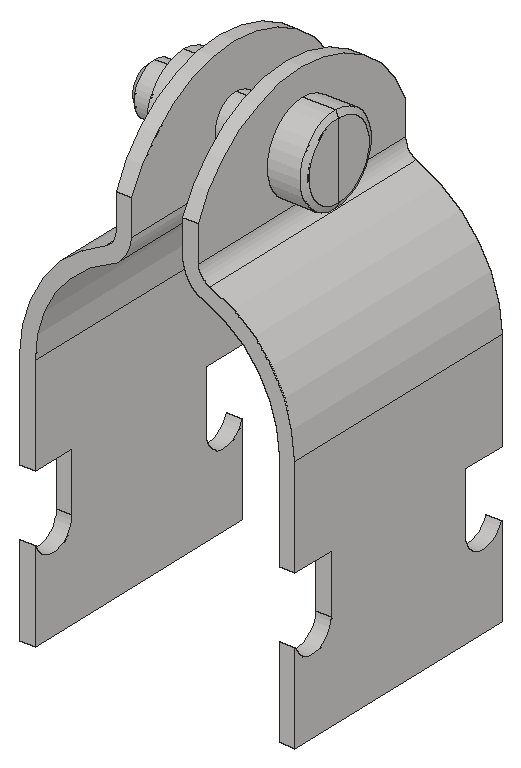
Revit family "Pipe-Clamp-Atkore-Thinwall-Conduit-P1428", category Specialty Equipment, Revit 2012
Parameters (values of type "P1428")
  ecoScorecard_data = ""
  ecoScorecard Product Page = ""
  Unit = Metal - Aluminum - Atkore - Electro - Galvanized
  URL = "http://unistrut.us/index.php"
  Thickness Gauge = 1.50 mm  # constant formula
  Subcategory = "Pipe Clamps"  # constant formula
  Product Page URL = ""
  Part Type = "Clamp"  # constant formula
  Part Number = "P1428"
  Overall Width = 33.98 mm  # constant formula
  Overall Height = 64.29 mm  # constant formula
  Overall Depth = 31.93 mm  # constant formula
  Outer Diameter = 29.50 mm  # constant formula
  Model = "P1428"  # constant formula
  Material = "Multiple Options - See Catalog"
  Manufacturer Toll Free Phone = "800-882-5543"  # constant formula
  Manufacturer Phone = "708-339-1610"  # constant formula
  Manufacturer Fax = "708-339-7814"  # constant formula
  Manufacturer Email = "mailto:questions@atkore.com"
  Manufacturer Address = "16100 South Lathrop Avenue, Harvey, IL 60426"  # constant formula
  Manufacturer = "Unistrut by Atkore International"  # constant formula
  Load Capacity Note = "Visit the product page for load application and capacity."  # constant formula
  Literature URL = ""
  Description = "Pipe Clamps For Thin Wall Conduit"  # constant formula
  Cost Info = "mailto:questions@atkore.com"
  Construction Note = ""
  Conduit Size = 25.40 mm  # constant formula
  CSI MasterSpec = ""
  CAD URL = ""
  Assembly Code = "D5090300"
  95 CSI = "16070"  # constant formula
  04 CSI = "26 05 48"  # constant formula
Reference planes
  plane 1 "Center (Front/Back)": y = 0
  plane 2: z = 0
  plane 3 "Center (Left/Right)": x = 0
  plane 4: y = 15.965
  plane 5: y = -15.965
  plane 6: x = -16.99
  plane 7: x = 16.99
  plane 8: z = 64.29
Dimensions and locks
  equal spacing: plane 4, plane 1 "Center (Front/Back)", plane 5
  "Overall Height": plane 8 to level
  "Overall Depth": plane 4 to plane 5
  "Overall Width": plane 6 to plane 7
  equal spacing: plane 6, plane 3 "Center (Left/Right)", plane 7
  aligned and locked: level to plane 2
  aligned and locked: plane 1 "Center (Front/Back)" to nested 1
  aligned and locked: plane 3 "Center (Left/Right)" to nested 1
Nested families
  nested 1: "P1428" at (0, 0, 0), type "P1428"
Definition of nested family "P1428"
  Parameters (values of type "P1428")
    Unit = Metal - Aluminum - Atkore - Electro - Galvanized
    Thickness Gauge = 1.50 mm
    Outer Diameter = 29.50 mm
    Conduit Size = 25.40 mm
  Reference planes
    plane 1 "Center (Front/Back)": y = 0
    plane 2: z = 0
    plane 3 "Center (Left/Right)": x = 0
    plane 4: y = -15.967
    plane 5: x = -16.986
    plane 6: x = 16.986
    plane 7: y = 15.967
    plane 8: z = 64.294
    plane 9: z = 19.431
    plane 10: z = 49.508
  Forms (mm)
    Extrusion 1, solid, material "Metal - Aluminum - Atkore - Electro - Galvanized" <- "Unit"
      sketch origin (0, 0, 0) x (0, 1, 0) y (0, 0, 1)
        loop
          line (-15.967, 0) -> (15.967, 0) -> (15.967, 11.174)
          arc (15.967, 11.174) -> (12.75, 9.238) -> (10.319, 12.1) r 2.9
          line (10.319, 12.1) -> (10.319, 19.431) -> (-10.319, 19.431) -> (-10.319, 12.1)
          arc (-10.319, 12.1) -> (-12.75, 9.238) -> (-15.967, 11.174) r 2.9
          line (-15.967, 11.174) -> (-15.967, 0)
      from 15.081 to 16.986
    Extrusion 2, solid, material "Metal - Aluminum - Atkore - Electro - Galvanized" <- "Unit"
      sketch origin (0, 0, 0) x (0, 1, 0) y (0, 0, 1)
        loop
          line (-15.967, 53.902) -> (-15.967, 49.508) -> (15.967, 49.508) -> (15.967, 53.902)
          arc (15.967, 53.902) -> (0, 64.294) -> (-15.967, 53.902) r 17.462
      from 3.175 to 5.08
    Extrusion 3, solid, material "Metal - Aluminum - Atkore - Electro - Galvanized" <- "Unit"
      sketch origin (0, 0, 0) x (1, 0, 0) y (0, 0, 1)
        loop
          line (5.08, 49.508) -> (3.175, 49.508)
          arc (3.175, 49.508) -> (3.872, 47.217) -> (5.727, 45.701) r 4.115
          arc (5.727, 45.701) -> (12.526, 40.149) -> (15.081, 31.75) r 15.081
          line (15.081, 31.75) -> (15.081, 19.431) -> (16.986, 19.431) -> (16.986, 31.75)
          arc (16.986, 31.75) -> (14.109, 41.209) -> (6.451, 47.464) r 16.986
          arc (6.451, 47.464) -> (5.454, 48.277) -> (5.08, 49.508) r 2.21
      from -15.967 to 15.967
    Extrusion 4, solid, material "Metal - Aluminum - Atkore - Electro - Galvanized" <- "Unit"
      sketch origin (0, 0, 0) x (0, 1, 0) y (0, 0, -1)
        loop
          line (-15.967, 0) -> (-15.967, -11.174)
          arc (-15.967, -11.174) -> (-12.75, -9.238) -> (-10.319, -12.1) r 2.9
          line (-10.319, -12.1) -> (-10.319, -19.431) -> (10.319, -19.431) -> (10.319, -12.1)
          arc (10.319, -12.1) -> (12.75, -9.238) -> (15.967, -11.174) r 2.9
          line (15.967, -11.174) -> (15.967, 0) -> (-15.967, 0)
      from 15.081 to 16.986
    Extrusion 5, solid, material "Metal - Aluminum - Atkore - Electro - Galvanized" <- "Unit"
      sketch origin (0, 0, 0) x (0, 1, 0) y (0, 0, -1)
        loop
          arc (-15.967, -53.902) -> (0, -64.294) -> (15.967, -53.902) r 17.462
          line (15.967, -53.902) -> (15.967, -49.508) -> (-15.967, -49.508) -> (-15.967, -53.902)
      from 3.175 to 5.08
    Extrusion 6, solid, material "Metal - Aluminum - Atkore - Electro - Galvanized" <- "Unit"
      sketch origin (0, 0, 0) x (-1, 0, 0) y (0, 0, -1)
        loop
          arc (5.08, -49.508) -> (5.454, -48.277) -> (6.451, -47.464) r 2.21
          arc (6.451, -47.464) -> (14.109, -41.209) -> (16.986, -31.75) r 16.986
          line (16.986, -31.75) -> (16.986, -19.431) -> (15.081, -19.431) -> (15.081, -31.75)
          arc (15.081, -31.75) -> (12.526, -40.149) -> (5.727, -45.701) r 15.081
          arc (5.727, -45.701) -> (3.872, -47.217) -> (3.175, -49.508) r 4.115
          line (3.175, -49.508) -> (5.08, -49.508)
      from -15.967 to 15.967
    Revolve 7, solid, material "Metal - Aluminum - Atkore - Electro - Galvanized" <- "Unit"
      sketch origin (0, 0, 0) x (1, 0, 0) y (0, 0, 1)
        loop
          arc (-9.563, 61.119) -> (-10.244, 59.993) -> (-10.636, 58.737) r 5.48
          line (-10.636, 58.737) -> (-13.081, 58.737) -> (-13.97, 57.848) -> (-13.97, 55.562) -> (-5.08, 55.562) -> (-5.08, 61.119) -> (-9.563, 61.119)
        loop
          line (-3.175, 58.737) -> (-3.175, 55.562) -> (3.175, 55.562) -> (3.175, 58.737) -> (-3.175, 58.737)
        loop
          line (5.08, 61.003) -> (5.08, 55.562) -> (9.616, 55.562) -> (9.687, 60.258) -> (9.257, 61.003) -> (5.08, 61.003)
        axis (-13.97, 55.562) -> (9.687, 55.562)
      angle from 0 to 360
  Cuts and joins
    joined: Extrusion 1, Extrusion 2, Extrusion 3
    joined: Extrusion 4, Extrusion 5, Extrusion 6
  Dimensions and locks
    equal spacing: plane 5, plane 3 "Center (Left/Right)", plane 6
    equal spacing: plane 4, plane 1 "Center (Front/Back)", plane 7
    aligned and locked: plane 2 to level
  Automatic sketch dimensions
    Extrusion 1 sketch curve to level = 0.00 mm
    Extrusion 1 sketch curve to plane 4 = 0.00 mm
    plane 9 to Extrusion 1 sketch curve = 0.00 mm
    Extrusion 1 sketch curve to plane 7 = 0.00 mm
    plane 4 to Extrusion 1 sketch curve = 2.748 mm
    Extrusion 1 sketch curve to Extrusion 1 sketch curve = 2.90 mm
    plane 7 to Extrusion 1 sketch curve = 5.648 mm
    plane 7 to Extrusion 1 sketch curve = 2.748 mm
    plane 9 to Extrusion 1 sketch curve = 8.257 mm  (x2)
    Extrusion 2 sketch curve to plane 4 = 0.00 mm
    Extrusion 2 sketch curve to plane 1 "Center (Front/Back)" = 0.00 mm
    Extrusion 2 sketch curve to plane 7 = 0.00 mm
    plane 10 to Extrusion 2 sketch curve = 0.00 mm
    plane 10 to Extrusion 2 sketch curve = 2.677 mm
    Extrusion 2 sketch curve to plane 10 = 4.394 mm
    Extrusion 3 sketch curve to Extrusion 3 sketch curve = 0.00 mm  (x5)
    Extrusion 3 sketch curve to plane 3 "Center (Left/Right)" = 0.00 mm
    Extrusion 3 sketch curve to plane 10 = 0.00 mm
    Extrusion 3 sketch curve to plane 9 = 0.00 mm
    Extrusion 3 sketch curve to plane 6 = 0.00 mm
    plane 3 "Center (Left/Right)" to Extrusion 3 sketch curve = 3.175 mm
    Extrusion 3 sketch curve to Extrusion 3 sketch curve = 1.905 mm
    plane 10 to Extrusion 3 sketch curve = 3.807 mm
    Extrusion 3 sketch curve to Extrusion 3 sketch curve = 0.647 mm
    Extrusion 4 sketch curve to level = 0.00 mm
    Extrusion 4 sketch curve to plane 4 = 0.00 mm
    plane 9 to Extrusion 4 sketch curve = 0.00 mm
    Extrusion 4 sketch curve to plane 7 = 0.00 mm
    plane 4 to Extrusion 4 sketch curve = 2.748 mm
    Extrusion 4 sketch curve to Extrusion 4 sketch curve = 2.90 mm
    plane 7 to Extrusion 4 sketch curve = 5.648 mm
    plane 7 to Extrusion 4 sketch curve = 2.748 mm
    plane 9 to Extrusion 4 sketch curve = 7.331 mm  (x2)
    Extrusion 5 sketch curve to plane 4 = 0.00 mm
    Extrusion 5 sketch curve to plane 1 "Center (Front/Back)" = 0.00 mm
    Extrusion 5 sketch curve to plane 7 = 0.00 mm
    plane 10 to Extrusion 5 sketch curve = 0.00 mm
    Extrusion 5 sketch curve to plane 10 = 4.394 mm
    plane 10 to Extrusion 5 sketch curve = 2.677 mm
    Extrusion 6 sketch curve to Extrusion 6 sketch curve = 0.00 mm  (x5)
    Extrusion 6 sketch curve to plane 3 "Center (Left/Right)" = 0.00 mm
    Extrusion 6 sketch curve to plane 10 = 0.00 mm
    Extrusion 6 sketch curve to plane 9 = 0.00 mm
    Extrusion 6 sketch curve to plane 5 = 0.00 mm
    plane 3 "Center (Left/Right)" to Extrusion 6 sketch curve = 3.175 mm
    Extrusion 6 sketch curve to Extrusion 6 sketch curve = 1.905 mm
    Extrusion 6 sketch curve to plane 10 = 3.807 mm
    Extrusion 6 sketch curve to Extrusion 6 sketch curve = 0.647 mm
    plane 5 to Revolve 7 sketch curve = 3.016 mm
    Revolve 7 sketch curve to Revolve 7 sketch curve = 0.889 mm  (x2)
    Revolve 7 sketch curve to Revolve 7 sketch curve = 2.445 mm
    Revolve 7 sketch curve to Revolve 7 sketch curve = 1.073 mm
    Revolve 7 sketch curve to Revolve 7 sketch curve = 3.105 mm
    Revolve 7 sketch curve to Revolve 7 sketch curve = 2.284 mm
    Revolve 7 sketch curve to Revolve 7 sketch curve = 0.168 mm
    Revolve 7 sketch curve to Revolve 7 sketch curve = 2.073 mm
    plane 3 "Center (Left/Right)" to Revolve 7 sketch curve = 3.175 mm
    Revolve 7 sketch curve to Revolve 7 sketch curve = 1.905 mm
    plane 8 to Revolve 7 sketch curve = 3.291 mm
    Revolve 7 sketch curve to Revolve 7 sketch curve = 4.177 mm
    Revolve 7 sketch curve to Revolve 7 sketch curve = 4.536 mm
    Revolve 7 sketch curve to Revolve 7 sketch curve = 0.00 mm  (x2)
    Revolve 7 sketch curve to Revolve 7 sketch curve = 0.43 mm
    Revolve 7 sketch curve to Revolve 7 sketch curve = 0.745 mm
    plane 8 to Revolve 7 sketch curve = 5.556 mm  (x2)
    Revolve 7 sketch curve to Revolve 7 sketch curve = 0.996 mm
    Revolve 7 sketch curve to Revolve 7 sketch curve = 2.179 mm
    Revolve 7 sketch curve to Revolve 7 sketch curve = 4.696 mm
    Revolve 7 sketch curve to Revolve 7 sketch curve = 3.175 mm
